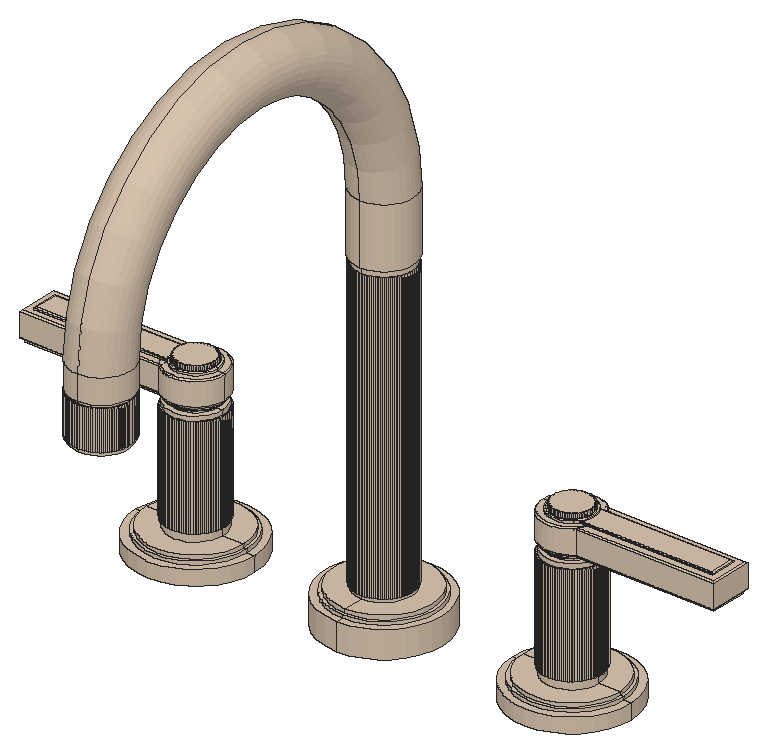
Revit family "Faucet-Deck_Mount-Bath-KALLISTA-Vir_Stil-P80236-1", category Plumbing Fixtures, host Face, Revit 2021 (continued)
Definition of nested family "P80236_Handle"
  Forms (in)
    Extrusion 2, solid, material <- "Material", detail levels medium+fine
      sketch origin (-0.0001, 0.09333, 0.00012) x (1, 0, 0) y (0, 1, 0)
        loop
          arc (-0.58709, 0.10982) -> (-0.57988, 0.09043) -> (-0.59787, 0.08021) r 0.01596
          line (-0.59787, 0.08021) -> (-0.60373, 0.04949)
          arc (-0.60373, 0.04949) -> (-0.59236, 0.03115) -> (-0.60968, 0.01828) r 0.01594
          line (-0.60968, 0.01828) -> (-0.61581, -0.01389)
          arc (-0.61581, -0.01389) -> (-0.60255, -0.0315) -> (-0.61917, -0.04598) r 0.01617
          line (-0.61917, -0.04598) -> (-0.62137, -0.0774)
          arc (-0.62137, -0.0774) -> (-0.606, -0.09277) -> (-0.62137, -0.10814) r 0.01537
          line (-0.62137, -0.10814) -> (-0.61917, -0.13956)
          arc (-0.61917, -0.13956) -> (-0.60255, -0.15404) -> (-0.61581, -0.17165) r 0.01617
          line (-0.61581, -0.17165) -> (-0.60968, -0.20382)
          arc (-0.60968, -0.20382) -> (-0.59236, -0.21669) -> (-0.60373, -0.23503) r 0.01594
          line (-0.60373, -0.23503) -> (-0.59787, -0.26574)
          arc (-0.59787, -0.26574) -> (-0.57988, -0.27596) -> (-0.58709, -0.29535) r 0.01596
          line (-0.58709, -0.29535) -> (-0.5722, -0.33626)
          arc (-0.5722, -0.33626) -> (-0.55657, -0.34742) -> (-0.56163, -0.36595) r 0.01679
          line (-0.56163, -0.36595) -> (-0.54701, -0.39463)
          arc (-0.54701, -0.39463) -> (-0.52746, -0.40148) -> (-0.53131, -0.42183) r 0.01588
          line (-0.53131, -0.42183) -> (-0.50883, -0.46077)
          arc (-0.50883, -0.46077) -> (-0.48488, -0.45001) -> (-0.48509, -0.47626) r 0.01559
          line (-0.48509, -0.47626) -> (-0.46548, -0.50048)
          arc (-0.46548, -0.50048) -> (-0.44333, -0.50019) -> (-0.43937, -0.52198) r 0.01715
          line (-0.43937, -0.52198) -> (-0.41649, -0.54486)
          arc (-0.41649, -0.54486) -> (-0.39577, -0.54613) -> (-0.3945, -0.56685) r 0.01567
          line (-0.3945, -0.56685) -> (-0.37024, -0.58886)
          arc (-0.37024, -0.58886) -> (-0.3496, -0.58601) -> (-0.34317, -0.60582) r 0.01622
          line (-0.34317, -0.60582) -> (-0.31527, -0.62325)
          arc (-0.31527, -0.62325) -> (-0.29625, -0.6212) -> (-0.28852, -0.63869) r 0.0162
          line (-0.28852, -0.63869) -> (-0.2584, -0.65274)
          arc (-0.2584, -0.65274) -> (-0.23963, -0.64888) -> (-0.23052, -0.66574) r 0.01606
          line (-0.23052, -0.66574) -> (-0.20247, -0.67882)
          arc (-0.20247, -0.67882) -> (-0.18193, -0.67012) -> (-0.17198, -0.69009) r 0.01629
          line (-0.17198, -0.69009) -> (-0.1426, -0.69991)
          arc (-0.1426, -0.69991) -> (-0.12304, -0.68628) -> (-0.1112, -0.70697) r 0.01615
          line (-0.1112, -0.70697) -> (-0.0801, -0.7119)
          arc (-0.0801, -0.7119) -> (-0.06165, -0.69805) -> (-0.04914, -0.71744) r 0.01576
          line (-0.04914, -0.71744) -> (-0.0175, -0.71744)
          arc (-0.0175, -0.71744) -> (-0.00189, -0.70183) -> (0.01371, -0.71744) r 0.01561
          line (0.01371, -0.71744) -> (0.04515, -0.71744)
          arc (0.04515, -0.71744) -> (0.0585, -0.69869) -> (0.07698, -0.71239) r 0.01612
          line (0.07698, -0.71239) -> (0.10901, -0.70732)
          arc (0.10901, -0.70732) -> (0.12092, -0.68623) -> (0.14037, -0.70066) r 0.01615
          line (0.14037, -0.70066) -> (0.17059, -0.69055)
          arc (0.17059, -0.69055) -> (0.18047, -0.67009) -> (0.20119, -0.67942) r 0.01629
          line (0.20119, -0.67942) -> (0.23052, -0.66574)
          arc (0.23052, -0.66574) -> (0.23963, -0.64888) -> (0.2584, -0.65274) r 0.01606
          line (0.2584, -0.65274) -> (0.28852, -0.63869)
          arc (0.28852, -0.63869) -> (0.29625, -0.6212) -> (0.31527, -0.62325) r 0.0162
          line (0.31527, -0.62325) -> (0.34317, -0.60582)
          arc (0.34317, -0.60582) -> (0.3496, -0.58601) -> (0.37024, -0.58886) r 0.01622
      from 0.63921 to 2.7578
    Sweep 3, solid, material <- "Material", detail levels medium+fine
      path origin (0, -0.46599, 0.54302) x (0, 1, 0) y (-1, 0, 0)
        loop
          line (0.07874, 0.45013) -> (-2.90726, 0.45013) -> (-2.90726, -0.45013) -> (0.07874, -0.45013)
      profile origin (-0.45013, -3.37325, 0.54302) x (1, 0, 0) y (0, 0, 1)
        loop
          line (0, 2.49452) -> (0.03235, 2.46217) -> (0.06329, 2.46217) -> (0.06329, 2.41499) -> (0.09079, 2.39974) -> (0.3166, 2.39974) -> (0.3166, 3.0564) -> (0.19942, 3.0564) -> (0.16806, 3.04916) -> (0.16806, 3.01604) -> (0.03152, 3.01604) -> (0, 2.98451) -> (0, 2.49452)
    Revolve 4, solid
      sketch origin (0, 0, 0) x (0, 1, 0) y (0, 0, 1)
        loop
          line (0.0011, 2.89746) -> (0.0011, 2.96028) -> (-0.30646, 2.96028) -> (-0.30646, 2.89746) -> (0.0011, 2.89746)
        axis (0.0011, 2.89746) -> (0.0011, 2.96028)
      angle from 0 to 360
    Extrusion 5, solid, material <- "Material", detail levels medium+fine
      sketch origin (0, 0, 0) x (1, 0, 0) y (0, 1, 0)
        loop
          line (-0.13352, -3.05664) -> (0.13352, -3.05664) -> (0.13352, -0.41348)
          arc (0.13352, -0.41348) -> (0.06758, -0.42918) -> (0, -0.43445) r 0.43555
          arc (0, -0.43445) -> (-0.06758, -0.42918) -> (-0.13352, -0.41348) r 0.43555
          line (-0.13352, -0.41348) -> (-0.13352, -3.05664)
      from 2.94276 to 3.59942
    Extrusion 6, solid, material <- "Material", detail levels medium+fine
      sketch origin (0, 0, 0) x (1, 0, 0) y (0, 1, 0)
        loop
          line (0.39956, 0.04665) -> (0.3951, 0.07793)
          arc (0.3951, 0.07793) -> (0.37211, 0.0898) -> (0.38828, 0.11) r 0.01672
          line (0.38828, 0.11) -> (0.37741, 0.13986)
          arc (0.37741, 0.13986) -> (0.35264, 0.14793) -> (0.36643, 0.17003) r 0.01654
          line (0.36643, 0.17003) -> (0.35092, 0.19689)
          arc (0.35092, 0.19689) -> (0.32658, 0.20039) -> (0.33329, 0.22405) r 0.01633
          line (0.33329, 0.22405) -> (0.31408, 0.24863)
          arc (0.31408, 0.24863) -> (0.28882, 0.2494) -> (0.29602, 0.27362) r 0.01594
          line (0.29602, 0.27362) -> (0.27398, 0.29567)
          arc (0.27398, 0.29567) -> (0.25135, 0.29376) -> (0.24796, 0.31621) r 0.01661
          line (0.24796, 0.31621) -> (0.22165, 0.33431)
          arc (0.22165, 0.33431) -> (0.19902, 0.33167) -> (0.1934, 0.35375) r 0.0173
          line (0.1934, 0.35375) -> (0.16475, 0.36828)
          arc (0.16475, 0.36828) -> (0.14435, 0.35817) -> (0.13378, 0.37834) r 0.01629
          line (0.13378, 0.37834) -> (0.10377, 0.38734)
          arc (0.10377, 0.38734) -> (0.08375, 0.37642) -> (0.07305, 0.39655) r 0.01603
          line (0.07305, 0.39655) -> (0.04129, 0.39933)
          arc (0.04129, 0.39933) -> (0.01926, 0.38534) -> (0, 0.40295) r 0.02147
          arc (0, 0.40295) -> (-0.01919, 0.38453) -> (-0.04129, 0.39933) r 0.02122
          line (-0.04129, 0.39933) -> (-0.07266, 0.39659)
          arc (-0.07266, 0.39659) -> (-0.08379, 0.37795) -> (-0.10329, 0.38748) r 0.01603
          line (-0.10329, 0.38748) -> (-0.13378, 0.37834)
          arc (-0.13378, 0.37834) -> (-0.14435, 0.35817) -> (-0.16475, 0.36828) r 0.01629
          line (-0.16475, 0.36828) -> (-0.1934, 0.35375)
          arc (-0.1934, 0.35375) -> (-0.19902, 0.33167) -> (-0.22165, 0.33431) r 0.0173
          line (-0.22165, 0.33431) -> (-0.24796, 0.31621)
          arc (-0.24796, 0.31621) -> (-0.25135, 0.29376) -> (-0.27398, 0.29567) r 0.01661
          line (-0.27398, 0.29567) -> (-0.29602, 0.27362)
          arc (-0.29602, 0.27362) -> (-0.28882, 0.2494) -> (-0.31408, 0.24863) r 0.01594
          line (-0.31408, 0.24863) -> (-0.33329, 0.22405)
          arc (-0.33329, 0.22405) -> (-0.32658, 0.20039) -> (-0.35092, 0.19689) r 0.01633
          line (-0.35092, 0.19689) -> (-0.36643, 0.17003)
          arc (-0.36643, 0.17003) -> (-0.35264, 0.14793) -> (-0.37741, 0.13986) r 0.01654
          line (-0.37741, 0.13986) -> (-0.38828, 0.11)
          arc (-0.38828, 0.11) -> (-0.37211, 0.0898) -> (-0.3951, 0.07793) r 0.01672
          line (-0.3951, 0.07793) -> (-0.39945, 0.04743)
          arc (-0.39945, 0.04743) -> (-0.38106, 0.03439) -> (-0.39192, 0.01464) r 0.01693
          arc (-0.39192, 0.01464) -> (-0.38008, 0.00016) -> (-0.3874, -0.01706) r 0.01809
          arc (-0.3874, -0.01706) -> (-0.38182, -0.03685) -> (-0.39945, -0.04743) r 0.01693
          line (-0.39945, -0.04743) -> (-0.3951, -0.07793)
          arc (-0.3951, -0.07793) -> (-0.37211, -0.0898) -> (-0.38828, -0.11) r 0.01672
          line (-0.38828, -0.11) -> (-0.37741, -0.13986)
          arc (-0.37741, -0.13986) -> (-0.35264, -0.14793) -> (-0.36643, -0.17003) r 0.01654
          line (-0.36643, -0.17003) -> (-0.35092, -0.19689)
          arc (-0.35092, -0.19689) -> (-0.32658, -0.20039) -> (-0.33329, -0.22405) r 0.01633
          line (-0.33329, -0.22405) -> (-0.31408, -0.24863)
          arc (-0.31408, -0.24863) -> (-0.28882, -0.2494) -> (-0.29602, -0.27362) r 0.01594
          line (-0.29602, -0.27362) -> (-0.27398, -0.29567)
          arc (-0.27398, -0.29567) -> (-0.25135, -0.29376) -> (-0.24796, -0.31621) r 0.01661
          line (-0.24796, -0.31621) -> (-0.22165, -0.33431)
          arc (-0.22165, -0.33431) -> (-0.19902, -0.33167) -> (-0.1934, -0.35375) r 0.0173
          line (-0.1934, -0.35375) -> (-0.16475, -0.36828)
          arc (-0.16475, -0.36828) -> (-0.14435, -0.35817) -> (-0.13378, -0.37834) r 0.01629
          line (-0.13378, -0.37834) -> (-0.10377, -0.38734)
          arc (-0.10377, -0.38734) -> (-0.08375, -0.37642) -> (-0.07305, -0.39655) r 0.01603
          line (-0.07305, -0.39655) -> (-0.04129, -0.39933)
          arc (-0.04129, -0.39933) -> (-0.01876, -0.38433) -> (-0.00016, -0.40399) r 0.021
          arc (-0.00016, -0.40399) -> (0.01874, -0.38539) -> (0.04129, -0.39933) r 0.02147
          line (0.04129, -0.39933) -> (0.07305, -0.39655)
          arc (0.07305, -0.39655) -> (0.08375, -0.37642) -> (0.10377, -0.38734) r 0.01603
          line (0.10377, -0.38734) -> (0.13378, -0.37834)
          arc (0.13378, -0.37834) -> (0.14435, -0.35817) -> (0.16475, -0.36828) r 0.01629
          line (0.16475, -0.36828) -> (0.1934, -0.35375)
          arc (0.1934, -0.35375) -> (0.19902, -0.33167) -> (0.22165, -0.33431) r 0.0173
          line (0.22165, -0.33431) -> (0.24796, -0.31621)
          arc (0.24796, -0.31621) -> (0.25135, -0.29376) -> (0.27398, -0.29567) r 0.01661
          line (0.27398, -0.29567) -> (0.29602, -0.27362)
          arc (0.29602, -0.27362) -> (0.28882, -0.2494) -> (0.31408, -0.24863) r 0.01594
          line (0.31408, -0.24863) -> (0.33329, -0.22405)
          arc (0.33329, -0.22405) -> (0.32658, -0.20039) -> (0.35092, -0.19689) r 0.01633
          line (0.35092, -0.19689) -> (0.36643, -0.17003)
          arc (0.36643, -0.17003) -> (0.35264, -0.14793) -> (0.37741, -0.13986) r 0.01654
          line (0.37741, -0.13986) -> (0.38828, -0.11)
          arc (0.38828, -0.11) -> (0.37211, -0.0898) -> (0.3951, -0.07793) r 0.01672
          line (0.3951, -0.07793) -> (0.39956, -0.04665)
          arc (0.39956, -0.04665) -> (0.38137, -0.03479) -> (0.3898, -0.01479) r 0.01693
          arc (0.3898, -0.01479) -> (0.38962, 0.00232) -> (0.40245, 0.01362) r 0.02054
          arc (0.40245, 0.01362) -> (0.38069, 0.02836) -> (0.39956, 0.04665) r 0.01693
      from 3.6209 to 3.70485
    Extrusion 7, solid, material <- "Material"
      sketch origin (0, 0, 0) x (1, 0, 0) y (0, 1, 0)
        loop
          circle (0, 0) r 0.07874
      from 0 to 0.05618
    Revolve 8, solid, material <- "Material", detail levels coarse
      sketch origin (0, 0, 0) x (0, 1, 0) y (0, 0, 1)
        loop
          line (1.26094, 0.00063) -> (1.26094, 0.31813) -> (1.09983, 0.31813) -> (1.09983, 0.38726) -> (1.02685, 0.38726) -> (1.02685, 0.45669) -> (0.57813, 0.45669) -> (0.57813, 0.6405) -> (0.62524, 0.6405) -> (0.62524, 2.75904) -> (0.57831, 2.75904) -> (0.57831, 2.84865) -> (0.45097, 2.84865) -> (0.45097, 2.91768) -> (0.0011, 2.91768) -> (0.0011, 2.77411) -> (0.0011, 0.00063) -> (1.26094, 0.00063)
        loop
          line (0.54877, 2.93764) -> (0.57141, 2.96028) -> (0.57141, 3.01139) -> (0.60314, 3.01139) -> (0.62708, 3.04825) -> (0.62708, 3.53445) -> (0.59759, 3.56394) -> (0.46986, 3.56394) -> (0.46986, 3.59903) -> (0.43665, 3.61178) -> (0.34452, 3.61178) -> (0.40295, 3.6209) -> (0.40295, 3.70485) -> (0.0011, 3.70485) -> (0.0011, 2.93764) -> (0.54877, 2.93764)
        axis (0.0011, 0.00063) -> (0.0011, 3.70485)
      angle from 0 to 360
    Extrusion 9, solid, material <- "Material", detail levels coarse
      sketch origin (0, 0, 0) x (1, 0, 0) y (0, 1, 0)
        loop
          line (-0.45013, -0.11) -> (-0.45013, -3.37325) -> (0.45013, -3.37325) -> (0.45013, -0.11) -> (-0.45013, -0.11)
      from 2.94276 to 3.59942
  Cuts and joins
    joined: Sweep 3, Extrusion 5
  Lines and regions (in)
    Masking region 1
      outline origin (0, 0, 0) x (1, 0, 0) y (0, 1, 0)
        loop
          line (-0.45084, -3.37402) -> (0.44739, -3.37402) -> (0.44739, -1.17773)
          arc (0.44739, -1.17773) -> (0.00185, 1.25984) -> (-0.45084, -1.17641) r 1.25984
          line (-0.45084, -1.17641) -> (-0.45084, -3.37402)
    Masking region 2
      outline origin (0, 0, 0) x (1, 0, 0) y (0, 0, 1)
        loop
          line (-1.25984, 0) -> (1.25984, 0) -> (1.25984, 0.31505) -> (1.10057, 0.31505) -> (1.10057, 0.3846) -> (1.03059, 0.3846) -> (1.03059, 0.45669) -> (0.5775, 0.45669) -> (0.5775, 0.6398) -> (0.62448, 0.6398) -> (0.62448, 2.75774) -> (0.57757, 2.75774) -> (0.57757, 2.84774) -> (0.44996, 2.84774) -> (0.44996, 2.91689) -> (0.30728, 2.91689) -> (0.35175, 2.93307) -> (0.52738, 2.93307) -> (0.55793, 2.95001) -> (0.55793, 3.0106) -> (0.59254, 3.0106) -> (0.62472, 3.04061) -> (0.62472, 3.53288) -> (0.59365, 3.56394) -> (0.46562, 3.56394) -> (0.46562, 3.59569) -> (0.43313, 3.61084) -> (0.34514, 3.61084) -> (0.3771, 3.62062) -> (0.41129, 3.62062) -> (0.41129, 3.70472) -> (-0.41129, 3.70472) -> (-0.41129, 3.62062) -> (-0.3771, 3.62062) -> (-0.34514, 3.61084) -> (-0.43313, 3.61084) -> (-0.46562, 3.59569) -> (-0.46562, 3.56394) -> (-0.59365, 3.56394) -> (-0.62472, 3.53288) -> (-0.62472, 3.04061) -> (-0.59254, 3.0106) -> (-0.55793, 3.0106) -> (-0.55793, 2.95001) -> (-0.52738, 2.93307) -> (-0.35175, 2.93307) -> (-0.30728, 2.91689) -> (-0.44996, 2.91689) -> (-0.44996, 2.84774) -> (-0.57757, 2.84774) -> (-0.57757, 2.75774) -> (-0.62448, 2.75774) -> (-0.62448, 0.6398) -> (-0.5775, 0.6398) -> (-0.5775, 0.45669) -> (-1.03059, 0.45669) -> (-1.03059, 0.3846) -> (-1.10057, 0.3846) -> (-1.10057, 0.31505) -> (-1.25984, 0.31505) -> (-1.25984, 0)
    Masking region 3
      outline origin (0, 0, 0) x (0, 1, 0) y (0, 0, 1)
        loop
          line (1.25984, 0.00063) -> (1.25984, 0.31813) -> (1.09983, 0.31813) -> (1.09983, 0.38726) -> (1.02685, 0.38726) -> (1.02685, 0.45669) -> (0.57813, 0.45669) -> (0.57813, 0.63981) -> (0.62479, 0.63981) -> (0.62479, 2.75904) -> (0.57831, 2.75904) -> (0.57831, 2.84865) -> (0.45097, 2.84865) -> (0.45097, 2.91768) -> (0.30919, 2.91768) -> (0.34376, 2.93764) -> (0.54877, 2.93764) -> (0.57141, 2.96028) -> (0.57141, 3.01139) -> (0.60314, 3.01139) -> (0.62708, 3.04825) -> (0.62708, 3.53445) -> (0.59759, 3.56394) -> (0.46986, 3.56394) -> (0.46986, 3.59903) -> (0.43966, 3.61063) -> (0.34452, 3.61063) -> (0.37406, 3.6208) -> (0.41153, 3.6208) -> (0.41153, 3.70472) -> (-0.41103, 3.70472) -> (-0.41103, 3.62081) -> (-0.37638, 3.62081) -> (-0.34382, 3.61109) -> (-3.15915, 3.61109) -> (-3.20655, 3.59839) -> (-3.20655, 3.56371) -> (-3.32111, 3.56371) -> (-3.37402, 3.53317) -> (-3.37402, 2.95629) -> (-3.3508, 2.93307) -> (-0.34, 2.93307) -> (-0.30699, 2.91768) -> (-0.44877, 2.91768) -> (-0.44877, 2.84865) -> (-0.57611, 2.84865) -> (-0.57611, 2.75904) -> (-0.62259, 2.75904) -> (-0.62259, 0.63981) -> (-0.57593, 0.63981) -> (-0.57593, 0.45669) -> (-1.02465, 0.45669) -> (-1.02465, 0.38726) -> (-1.09763, 0.38726) -> (-1.09763, 0.31813) -> (-1.25984, 0.31813) -> (-1.25984, 0.00063) -> (0.0011, 0.00063) -> (1.25984, 0.00063)
    symbolic lines, detail levels medium+fine
      curve 1: line (0, 0.57813, 0.45732) -> (0, -0.57593, 0.45732)
      curve 2: line (0, 1.02685, 0.38726) -> (0, -1.02465, 0.38726)
      curve 3: line (0, -1.09763, 0.31813) -> (0, 1.09983, 0.31813)
      curve 4: line (0, 0.53419, 0.63981) -> (0, -0.57431, 0.63981)
      curve 5: line (0, 0.53419, 0.63981) -> (0, 0.53419, 2.75904)
      curve 6: line (0, 0.57431, 0.63981) -> (0, 0.57431, 2.75904)
      curve 7: line (0, 0.59241, 0.63934) -> (0, 0.59241, 2.75904)
      curve 8: line (0, 0.51875, 0.63934) -> (0, 0.51875, 2.75793)
      curve 9: line (0, 0.46235, 0.63934) -> (0, 0.46235, 2.75904)
      curve 10: line (0, 0.41748, 0.63934) -> (0, 0.41748, 2.75904)
      curve 11: line (0, 0.34591, 0.63981) -> (0, 0.34591, 2.75904)
      curve 12: line (0, 0.37176, 0.63981) -> (0, 0.37176, 2.75904)
      curve 13: line (0, 0.31732, 0.63981) -> (0, 0.31732, 2.75904)
      curve 14: line (0, 0.26144, 0.63981) -> (0, 0.26144, 2.75904)
      curve 15: line (0, 0.29013, 0.63981) -> (0, 0.29013, 2.75904)
      curve 16: line (0, 0.23227, 0.63981) -> (0, 0.23227, 2.75904)
      curve 17: line (0, 0.20315, 0.63981) -> (0, 0.20315, 2.75904)
      curve 18: line (0, 0.14283, 0.63981) -> (0, 0.14283, 2.75904)
      curve 19: line (0, 0.17354, 0.63981) -> (0, 0.17354, 2.75904)
      curve 20: line (0, 0.11162, 0.63981) -> (0, 0.11162, 2.75904)
      curve 21: line (0, 0.07945, 0.63981) -> (0, 0.07945, 2.75904)
      curve 22: line (0, 0.04736, 0.63981) -> (0, 0.04736, 2.75904)
      curve 23: line (0, 0.01594, 0.63981) -> (0, 0.01594, 2.75904)
      curve 24: line (0, -0.53419, 0.63981) -> (0, -0.53419, 2.75904)
      curve 25: line (0, -0.57431, 0.63981) -> (0, -0.57431, 2.75904)
      curve 26: line (0, -0.59241, 0.63934) -> (0, -0.59241, 2.75904)
      curve 27: line (0, -0.51875, 0.63934) -> (0, -0.51875, 2.75793)
      curve 28: line (0, -0.46235, 0.63934) -> (0, -0.46235, 2.75904)
      curve 29: line (0, -0.41748, 0.63981) -> (0, -0.41748, 2.75904)
      curve 30: line (0, -0.34591, 0.63981) -> (0, -0.34591, 2.75904)
      curve 31: line (0, -0.37176, 0.63981) -> (0, -0.37176, 2.75904)
      curve 32: line (0, -0.31732, 0.63981) -> (0, -0.31732, 2.75904)
      curve 33: line (0, -0.26144, 0.63981) -> (0, -0.26144, 2.75904)
      curve 34: line (0, -0.29013, 0.63981) -> (0, -0.29013, 2.75904)
      curve 35: line (0, -0.23227, 0.63981) -> (0, -0.23227, 2.75904)
      curve 36: line (0, -0.20315, 0.63981) -> (0, -0.20315, 2.75904)
      curve 37: line (0, -0.14283, 0.63981) -> (0, -0.14283, 2.75904)
      curve 38: line (0, -0.17354, 0.63981) -> (0, -0.17354, 2.75904)
      curve 39: line (0, -0.11162, 0.63981) -> (0, -0.11162, 2.75904)
      curve 40: line (0, -0.07945, 0.63981) -> (0, -0.07945, 2.75904)
      curve 41: line (0, -0.04736, 0.63981) -> (0, -0.04736, 2.75904)
      curve 42: line (0, -0.01594, 0.63981) -> (0, -0.01594, 2.75904)
      curve 43: line (0, 0.53419, 2.75904) -> (0, -0.53419, 2.75904)
      curve 44: line (0, 0.53419, 2.75904) -> (0, 0.59241, 2.75904)
      curve 45: line (0, -0.53419, 2.75904) -> (0, -0.59241, 2.75904)
      curve 46: line (0, 0.45097, 2.84865) -> (0, -0.44877, 2.84865)
      curve 47: line (0, -0.30699, 2.91768) -> (0, 0.30919, 2.91768)
      curve 48: line (0, 0.34376, 2.93764) -> (0, -0.39485, 2.93764)
      curve 49: line (0, -0.34, 2.93307) -> (0, 0.33585, 2.93307)
      curve 50: line (0, 0.34452, 3.61063) -> (0, -0.34361, 3.61109)
      curve 51: line (0, 0.57141, 3.01139) -> (0, -3.37402, 3.01139)
      curve 52: line (0, 0.46986, 3.56394) -> (0, -3.20655, 3.56371)
      curve 53: line (0, 0.62708, 3.53445) -> (0, -3.37402, 3.53317)
      curve 54: line (0, 0.62708, 3.04825) -> (0, -3.37402, 3.04825)
      curve 55: line (0, -0.45759, 3.01139) -> (0, -0.45759, 3.56388)
      curve 56: line (0, -0.44258, 3.04111) -> (0, -0.44258, 3.5341)
      curve 57: line (0, -0.42857, 3.04111) -> (0, -0.42857, 3.53653)
      curve 58: line (0, -0.41551, 3.04111) -> (0, -0.41551, 3.53411)
      curve 59: line (0, -0.41551, 3.53411) -> (0, -0.39467, 3.56389)
      curve 60: line (0, -0.42857, 3.53653) -> (0, -0.40942, 3.56389)
      curve 61: line (0, -0.44258, 3.5341) -> (0, -0.4346, 3.56389)
      curve 62: line (0, -0.41551, 3.04111) -> (0, -0.39835, 3.01139)
      curve 63: line (0, -0.42857, 3.04111) -> (0, -0.41471, 3.01139)
      curve 64: line (0, -0.44258, 3.04111) -> (0, -0.43461, 3.01139)
      curve 65: line (0, -0.3656, 3.56389) -> (0, -0.3656, 3.59507)
      curve 66: line (0, -0.3656, 3.59507) -> (0, -0.34361, 3.61109)
      curve 67: line (0, -0.41915, 2.9511) -> (0, -0.41915, 3.00997)
      curve 68: line (0, -0.41915, 2.9511) -> (0, -0.38661, 2.93307)
      curve 69: line (0, -3.37402, 2.95629) -> (0, -0.41915, 2.95629)
      curve 70: line (0, 0.39659, 3.6209) -> (0, 0.39659, 3.70485)
      curve 71: line (0, 0.38748, 3.6209) -> (0, 0.38748, 3.70485)
      curve 72: line (0, 0.37834, 3.6209) -> (0, 0.37834, 3.70485)
      curve 73: line (0, 0.36828, 3.6209) -> (0, 0.36828, 3.70485)
      curve 74: line (0, 0.35375, 3.6209) -> (0, 0.35375, 3.70485)
      curve 75: line (0, 0.33431, 3.6209) -> (0, 0.33431, 3.70485)
      curve 76: line (0, 0.31621, 3.6209) -> (0, 0.31621, 3.70485)
      curve 77: line (0, 0.29567, 3.6209) -> (0, 0.29567, 3.70485)
      curve 78: line (0, 0.27362, 3.6209) -> (0, 0.27362, 3.70485)
      curve 79: line (0, 0.24863, 3.6209) -> (0, 0.24863, 3.70485)
      curve 80: line (0, 0.22405, 3.6209) -> (0, 0.22405, 3.70485)
      curve 81: line (0, 0.19689, 3.6209) -> (0, 0.19689, 3.70485)
      curve 82: line (0, 0.17003, 3.6209) -> (0, 0.17003, 3.70485)
      curve 83: line (0, 0.13986, 3.6209) -> (0, 0.13986, 3.70485)
      curve 84: line (0, 0.11, 3.6209) -> (0, 0.11, 3.70485)
      curve 85: line (0, 0.07793, 3.6209) -> (0, 0.07793, 3.70485)
      curve 86: line (0, 0.04743, 3.6209) -> (0, 0.04743, 3.70485)
      curve 87: line (0, 0.01464, 3.6209) -> (0, 0.01464, 3.70485)
      curve 88: line (0, -0.01706, 3.6209) -> (0, -0.01706, 3.70485)
      curve 89: line (0, -0.04743, 3.6209) -> (0, -0.04743, 3.70485)
      curve 90: line (0, -0.07793, 3.6209) -> (0, -0.07793, 3.70485)
      curve 91: line (0, -0.11, 3.6209) -> (0, -0.11, 3.70485)
      curve 92: line (0, -0.13986, 3.6209) -> (0, -0.13986, 3.70485)
      curve 93: line (0, -0.17003, 3.6209) -> (0, -0.17003, 3.70485)
      curve 94: line (0, -0.19689, 3.6209) -> (0, -0.19689, 3.70485)
      curve 95: line (0, -0.22405, 3.6209) -> (0, -0.22405, 3.70485)
      curve 96: line (0, -0.24863, 3.6209) -> (0, -0.24863, 3.70485)
      curve 97: line (0, -0.27362, 3.6209) -> (0, -0.27362, 3.70485)
      curve 98: line (0, -0.29567, 3.6209) -> (0, -0.29567, 3.70485)
      curve 99: line (0, -0.31621, 3.6209) -> (0, -0.31621, 3.70485)
      curve 100: line (0, -0.33431, 3.6209) -> (0, -0.33431, 3.70485)
      curve 101: line (0, -0.35375, 3.6209) -> (0, -0.35375, 3.70485)
      curve 102: line (0, -0.36828, 3.6209) -> (0, -0.36828, 3.70485)
      curve 103: line (0, -0.38734, 3.6209) -> (0, -0.38734, 3.70485)
      curve 104: line (0, -0.39655, 3.6209) -> (0, -0.39655, 3.70485)
      curve 105: line (0, 0.37834, 3.6209) -> (0, -0.37834, 3.6209)
      curve 106: line (-0.5775, 0, 0.45669) -> (0.5775, 0, 0.45669)
      curve 107: line (-1.03059, 0, 0.3846) -> (1.03059, 0, 0.3846)
      curve 108: line (1.10057, 0, 0.31505) -> (-1.10057, 0, 0.31505)
      curve 109: line (-0.5775, 0, 0.6398) -> (0.5775, 0, 0.6398)
      curve 110: line (0.30728, 0, 2.91689) -> (-0.30728, 0, 2.91689)
      curve 111: line (-0.35175, 0, 2.93307) -> (0.35175, 0, 2.93307)
      curve 112: line (-0.44996, 0, 2.84774) -> (0.44996, 0, 2.84774)
      curve 113: line (-0.57757, 0, 2.75774) -> (0.57757, 0, 2.75774)
      curve 114: line (-0.55793, 0, 3.0106) -> (0.55793, 0, 3.0106)
      curve 115: line (-0.46562, 0, 3.56394) -> (0.46562, 0, 3.56394)
      curve 116: line (-0.34514, 0, 3.61084) -> (0.34514, 0, 3.61084)
      curve 117: line (0.37741, 0, 3.62062) -> (-0.37741, 0, 3.62062)
      curve 118: line (-0.46562, 0, 3.59569) -> (0.46562, 0, 3.59569)
      curve 119: line (-0.62472, 0, 3.53288) -> (0.62472, 0, 3.53288)
      curve 120: line (-0.45057, 0, 3.04117) -> (-0.45057, 0, 3.53288)
      curve 121: line (-0.45057, 0, 3.53288) -> (-0.4195, 0, 3.56394)
      curve 122: line (-0.45057, 0, 3.04117) -> (-0.42, 0, 3.0106)
      curve 123: line (0.45057, 0, 3.04117) -> (0.45057, 0, 3.53288)
      curve 124: line (0.45057, 0, 3.53288) -> (0.4195, 0, 3.56394)
      curve 125: line (0.45057, 0, 3.04117) -> (0.42, 0, 3.0106)
      curve 126: line (-0.45717, 0, 3.53288) -> (-0.45717, 0, 3.04076)
      curve 127: line (-0.45717, 0, 3.04076) -> (-0.43001, 0, 3.0106)
      curve 128: line (-0.46582, 0, 3.04094) -> (-0.46582, 0, 3.53288)
      curve 129: line (-0.46582, 0, 3.53288) -> (-0.44406, 0, 3.56394)
      curve 130: line (-0.46582, 0, 3.04094) -> (-0.44457, 0, 3.0106)
      curve 131: line (0.46551, 0, 3.04061) -> (0.46551, 0, 3.53288)
      curve 132: line (0.44386, 0, 3.56394) -> (0.46551, 0, 3.53288)
      curve 133: line (0.45713, 0, 3.53288) -> (0.45713, 0, 3.04088)
      curve 134: line (0.45713, 0, 3.04088) -> (0.43081, 0, 3.0106)
      curve 135: line (0.45713, 0, 3.53288) -> (0.43197, 0, 3.56394)
      curve 136: line (-0.45717, 0, 3.53288) -> (-0.43541, 0, 3.56394)
      curve 137: line (-0.62472, 0, 3.04061) -> (0.62472, 0, 3.04061)
      curve 138: line (0.46551, 0, 3.04061) -> (0.44449, 0, 3.0106)
      curve 139: line (-0.3951, 0, 3.6209) -> (-0.3951, 0, 3.70485)
      curve 140: line (-0.37741, 0, 3.62062) -> (-0.37741, 0, 3.70485)
      curve 141: line (-0.38828, 0, 3.6209) -> (-0.38828, 0, 3.70485)
      curve 142: line (-0.36643, 0, 3.62062) -> (-0.36643, 0, 3.70485)
      curve 143: line (-0.35092, 0, 3.62062) -> (-0.35092, 0, 3.70485)
      curve 144: line (-0.33329, 0, 3.62062) -> (-0.33329, 0, 3.70485)
      curve 145: line (-0.31408, 0, 3.62062) -> (-0.31408, 0, 3.70485)
      curve 146: line (-0.29602, 0, 3.62062) -> (-0.29602, 0, 3.70485)
      curve 147: line (-0.27398, 0, 3.62062) -> (-0.27398, 0, 3.70485)
      curve 148: line (-0.24796, 0, 3.62062) -> (-0.24796, 0, 3.70485)
      curve 149: line (-0.22165, 0, 3.62062) -> (-0.22165, 0, 3.70485)
      curve 150: line (-0.1934, 0, 3.62062) -> (-0.1934, 0, 3.70485)
      curve 151: line (-0.16475, 0, 3.62062) -> (-0.16475, 0, 3.70485)
      curve 152: line (-0.13378, 0, 3.62062) -> (-0.13378, 0, 3.70485)
      curve 153: line (-0.10377, 0, 3.62062) -> (-0.10377, 0, 3.70485)
      curve 154: line (-0.07305, 0, 3.62062) -> (-0.07305, 0, 3.70485)
      curve 155: line (-0.04129, 0, 3.62062) -> (-0.04129, 0, 3.70485)
      curve 156: line (0.3951, 0, 3.6209) -> (0.3951, 0, 3.70485)
      curve 157: line (0.37741, 0, 3.62062) -> (0.37741, 0, 3.70485)
      curve 158: line (0.38828, 0, 3.6209) -> (0.38828, 0, 3.70485)
      curve 159: line (0.36643, 0, 3.62062) -> (0.36643, 0, 3.70485)
      curve 160: line (0.35092, 0, 3.62062) -> (0.35092, 0, 3.70485)
      curve 161: line (0.33329, 0, 3.62062) -> (0.33329, 0, 3.70485)
      curve 162: line (0.31408, 0, 3.62062) -> (0.31408, 0, 3.70485)
      curve 163: line (0.29602, 0, 3.62062) -> (0.29602, 0, 3.70485)
      curve 164: line (0.27398, 0, 3.62062) -> (0.27398, 0, 3.70485)
      curve 165: line (0.24796, 0, 3.62062) -> (0.24796, 0, 3.70485)
      curve 166: line (0.22165, 0, 3.62062) -> (0.22165, 0, 3.70485)
      curve 167: line (0.1934, 0, 3.62062) -> (0.1934, 0, 3.70485)
      curve 168: line (0.16475, 0, 3.62062) -> (0.16475, 0, 3.70485)
      curve 169: line (0.13378, 0, 3.62062) -> (0.13378, 0, 3.70485)
      curve 170: line (0.10377, 0, 3.62062) -> (0.10377, 0, 3.70485)
      curve 171: line (0.07305, 0, 3.62062) -> (0.07305, 0, 3.70485)
      curve 172: line (0.04129, 0, 3.62062) -> (0.04129, 0, 3.70485)
      curve 173: line (-0.53141, 0, 0.63934) -> (-0.53141, 0, 2.75793)
      curve 174: line (-0.46557, 0, 0.63934) -> (-0.46557, 0, 2.75793)
      curve 175: line (-0.41659, 0, 0.63934) -> (-0.41659, 0, 2.75793)
      curve 176: line (-0.31536, 0, 0.63934) -> (-0.31536, 0, 2.75793)
      curve 177: line (-0.34327, 0, 0.63934) -> (-0.34327, 0, 2.75793)
      curve 178: line (-0.28862, 0, 0.63934) -> (-0.28862, 0, 2.75793)
      curve 179: line (-0.2585, 0, 0.63934) -> (-0.2585, 0, 2.75793)
      curve 180: line (-0.17208, 0, 0.63934) -> (-0.17208, 0, 2.75793)
      curve 181: line (-0.20257, 0, 0.63934) -> (-0.20257, 0, 2.75793)
      curve 182: line (-0.14269, 0, 0.63934) -> (-0.14269, 0, 2.75793)
      curve 183: line (-0.1113, 0, 0.63934) -> (-0.1113, 0, 2.75793)
      curve 184: line (-0.08019, 0, 0.63934) -> (-0.08019, 0, 2.75793)
      curve 185: line (-0.04924, 0, 0.63934) -> (-0.04924, 0, 2.75793)
      curve 186: line (-0.01759, 0, 0.63934) -> (-0.01759, 0, 2.75793)
      curve 187: line (0.04505, 0, 0.63934) -> (0.04505, 0, 2.75793)
      curve 188: line (0.07688, 0, 0.63934) -> (0.07688, 0, 2.75793)
      curve 189: line (0.10892, 0, 0.63934) -> (0.10892, 0, 2.75793)
      curve 190: line (0.14027, 0, 0.63934) -> (0.14027, 0, 2.75793)
      curve 191: line (0.17049, 0, 0.63934) -> (0.17049, 0, 2.75793)
      curve 192: line (0.20109, 0, 0.63934) -> (0.20109, 0, 2.75793)
      curve 193: line (0.2583, 0, 0.63934) -> (0.2583, 0, 2.75793)
      curve 194: line (0.23043, 0, 0.63934) -> (0.23043, 0, 2.75793)
      curve 195: line (0.28843, 0, 0.63934) -> (0.28843, 0, 2.75793)
      curve 196: line (0.31517, 0, 0.63934) -> (0.31517, 0, 2.75793)
      curve 197: line (0.34307, 0, 2.75793) -> (0.34307, 0, 0.63934)
      curve 198: line (0.3944, 0, 0.63934) -> (0.3944, 0, 2.75793)
      curve 199: line (0.37014, 0, 0.63934) -> (0.37014, 0, 2.75793)
      curve 200: line (0.41639, 0, 0.63934) -> (0.41639, 0, 2.75793)
      curve 201: line (0.44936, 0, 0.63934) -> (0.44936, 0, 2.75793)
      curve 202: line (0.4973, 0, 0.63934) -> (0.4973, 0, 2.75793)
      curve 203: line (0.54691, 0, 0.63934) -> (0.54691, 0, 2.75793)
      curve 204: line (0.58699, 0, 0.63934) -> (0.58699, 0, 2.75793)
      curve 205: line (0.59777, 0, 0.63934) -> (0.59777, 0, 2.75793)
      curve 206: line (0.53121, 0, 0.63934) -> (0.53121, 0, 2.75793)
      curve 207: line (0.47768, 0, 0.63934) -> (0.47768, 0, 2.75793)
      curve 208: line (-0.37033, 0, 0.63934) -> (-0.37033, 0, 2.75793)
      curve 209: line (-0.3946, 0, 0.63934) -> (-0.3946, 0, 2.75793)
      curve 210: line (-0.23062, 0, 0.63934) -> (-0.23062, 0, 2.75793)
      curve 211: line (-0.56173, 0, 0.63934) -> (-0.56173, 0, 2.75793)
      curve 212: arc (0.44739, -1.00992, 0) -> (0.00189, 1.10458, 0) -> (-0.45084, -1.00839, 0) r 1.10458
      curve 213: circle (0, 0, 0) r 0.46742 normal (0, 0, 1)
      curve 214: circle (0, 0, 0) r 0.44658 normal (0, 0, 1)
      curve 215: line (-0.45084, -1.17641, 0) -> (-0.45084, -0.48538, 0)
      curve 216: line (0.44739, -1.17773, 0) -> (0.44739, -0.51072, 0)
      curve 217: arc (0.48999, -0.38843, 0) -> (-0.00616, 0.62524, 0) -> (-0.48224, -0.39801, 0) r 0.62527
      curve 218: arc (-0.48224, -0.39801, 0) -> (-0.45893, -0.43896, 0) -> (-0.45084, -0.48538, 0) r 0.13726
      curve 219: arc (0.48999, -0.38843, 0) -> (0.45835, -0.44598, 0) -> (0.44739, -0.51072, 0) r 0.19685
      curve 220: line (-0.42028, -0.48903, 0) -> (-0.42028, -3.34472, 0)
      curve 221: line (-0.42028, -3.34472, 0) -> (0.42028, -3.34472, 0)
      curve 222: arc (0.45008, -0.38234, 0) -> (0.01006, 0.59047, 0) -> (-0.46285, -0.36678, 0) r 0.59055
      curve 223: arc (-0.46285, -0.36678, 0) -> (-0.43122, -0.42431, 0) -> (-0.42028, -0.48903, 0) r 0.19685
      curve 224: line (0.42028, -0.46345, 0) -> (0.42028, -3.34472, 0)
      curve 225: arc (0.42028, -0.46345, 0) -> (0.42796, -0.42024, 0) -> (0.45008, -0.38234, 0) r 0.12528
      curve 226: arc (0.44739, -0.60754, 0) -> (0.00215, 0.75449, 0) -> (-0.45084, -0.60498, 0) r 0.75449
      curve 227: arc (0.44739, -0.92305, 0) -> (0.00192, 1.02575, 0) -> (-0.45084, -0.92137, 0) r 1.02576
      curve 228: arc (0.39956, 0.04665, 0) -> (0.38069, 0.02836, 0) -> (0.40245, 0.01362, 0) r 0.01693
      curve 229: arc (0.3951, 0.07793, 0) -> (0.37211, 0.0898, 0) -> (0.38828, 0.11, 0) r 0.01672
      curve 230: line (0.3951, 0.07793, 0) -> (0.39956, 0.04665, 0)
      curve 231: line (0.38828, 0.11, 0) -> (0.37741, 0.13986, 0)
      curve 232: arc (0.36643, 0.17003, 0) -> (0.35264, 0.14793, 0) -> (0.37741, 0.13986, 0) r 0.01654
      curve 233: line (0.36643, 0.17003, 0) -> (0.35092, 0.19689, 0)
      curve 234: arc (0.35092, 0.19689, 0) -> (0.32658, 0.20039, 0) -> (0.33329, 0.22405, 0) r 0.01633
      curve 235: line (0.33329, 0.22405, 0) -> (0.31408, 0.24863, 0)
      curve 236: arc (0.29602, 0.27362, 0) -> (0.28882, 0.2494, 0) -> (0.31408, 0.24863, 0) r 0.01594
      curve 237: line (0.27398, 0.29567, 0) -> (0.29602, 0.27362, 0)
      curve 238: arc (0.24796, 0.31621, 0) -> (0.25135, 0.29376, 0) -> (0.27398, 0.29567, 0) r 0.01661
      curve 239: line (0.24796, 0.31621, 0) -> (0.22165, 0.33431, 0)
      curve 240: arc (0.22165, 0.33431, 0) -> (0.19902, 0.33167, 0) -> (0.1934, 0.35375, 0) r 0.0173
      curve 241: line (0.1934, 0.35375, 0) -> (0.16475, 0.36828, 0)
      curve 242: arc (0.16475, 0.36828, 0) -> (0.14435, 0.35817, 0) -> (0.13378, 0.37834, 0) r 0.01629
      curve 243: line (0.13378, 0.37834, 0) -> (0.10377, 0.38734, 0)
      curve 244: arc (0.10377, 0.38734, 0) -> (0.08375, 0.37642, 0) -> (0.07305, 0.39655, 0) r 0.01603
      curve 245: line (0.07305, 0.39655, 0) -> (0.04129, 0.39933, 0)
      curve 246: arc (0.04129, 0.39933, 0) -> (0.01926, 0.38534, 0) -> (0, 0.40295, 0) r 0.02147
      curve 247: arc (0.39956, -0.04665, 0) -> (0.38137, -0.03479, 0) -> (0.3898, -0.01479, 0) r 0.01693
      curve 248: arc (0.3951, -0.07793, 0) -> (0.37211, -0.0898, 0) -> (0.38828, -0.11, 0) r 0.01672
      curve 249: line (0.3951, -0.07793, 0) -> (0.39956, -0.04665, 0)
      curve 250: line (0.38828, -0.11, 0) -> (0.37741, -0.13986, 0)
      curve 251: arc (0.36643, -0.17003, 0) -> (0.35264, -0.14793, 0) -> (0.37741, -0.13986, 0) r 0.01654
      curve 252: line (0.36643, -0.17003, 0) -> (0.35092, -0.19689, 0)
      curve 253: arc (0.35092, -0.19689, 0) -> (0.32658, -0.20039, 0) -> (0.33329, -0.22405, 0) r 0.01633
      curve 254: line (0.33329, -0.22405, 0) -> (0.31408, -0.24863, 0)
      curve 255: arc (0.29602, -0.27362, 0) -> (0.28882, -0.2494, 0) -> (0.31408, -0.24863, 0) r 0.01594
      curve 256: line (0.27398, -0.29567, 0) -> (0.29602, -0.27362, 0)
      curve 257: arc (0.24796, -0.31621, 0) -> (0.25135, -0.29376, 0) -> (0.27398, -0.29567, 0) r 0.01661
      curve 258: line (0.24796, -0.31621, 0) -> (0.22165, -0.33431, 0)
      curve 259: arc (0.22165, -0.33431, 0) -> (0.19902, -0.33167, 0) -> (0.1934, -0.35375, 0) r 0.0173
      curve 260: line (0.1934, -0.35375, 0) -> (0.16475, -0.36828, 0)
      curve 261: arc (0.16475, -0.36828, 0) -> (0.14435, -0.35817, 0) -> (0.13378, -0.37834, 0) r 0.01629
      curve 262: line (0.13378, -0.37834, 0) -> (0.10377, -0.38734, 0)
      curve 263: arc (0.10377, -0.38734, 0) -> (0.08375, -0.37642, 0) -> (0.07305, -0.39655, 0) r 0.01603
      curve 264: line (0.07305, -0.39655, 0) -> (0.04129, -0.39933, 0)
      curve 265: arc (0.04129, -0.39933, 0) -> (0.01874, -0.38539, 0) -> (-0.00016, -0.40399, 0) r 0.02147
      curve 266: arc (-0.39945, 0.04743, 0) -> (-0.38106, 0.03439, 0) -> (-0.39192, 0.01464, 0) r 0.01693
      curve 267: arc (-0.3951, 0.07793, 0) -> (-0.37211, 0.0898, 0) -> (-0.38828, 0.11, 0) r 0.01672
      curve 268: line (-0.3951, 0.07793, 0) -> (-0.39945, 0.04743, 0)
      curve 269: line (-0.38828, 0.11, 0) -> (-0.37741, 0.13986, 0)
      curve 270: arc (-0.36643, 0.17003, 0) -> (-0.35264, 0.14793, 0) -> (-0.37741, 0.13986, 0) r 0.01654
      curve 271: line (-0.36643, 0.17003, 0) -> (-0.35092, 0.19689, 0)
      curve 272: arc (-0.35092, 0.19689, 0) -> (-0.32658, 0.20039, 0) -> (-0.33329, 0.22405, 0) r 0.01633
      curve 273: line (-0.33329, 0.22405, 0) -> (-0.31408, 0.24863, 0)
      curve 274: arc (-0.29602, 0.27362, 0) -> (-0.28882, 0.2494, 0) -> (-0.31408, 0.24863, 0) r 0.01594
      curve 275: line (-0.27398, 0.29567, 0) -> (-0.29602, 0.27362, 0)
      curve 276: arc (-0.24796, 0.31621, 0) -> (-0.25135, 0.29376, 0) -> (-0.27398, 0.29567, 0) r 0.01661
      curve 277: line (-0.24796, 0.31621, 0) -> (-0.22165, 0.33431, 0)
      curve 278: arc (-0.22165, 0.33431, 0) -> (-0.19902, 0.33167, 0) -> (-0.1934, 0.35375, 0) r 0.0173
      curve 279: line (-0.1934, 0.35375, 0) -> (-0.16475, 0.36828, 0)
      curve 280: arc (-0.16475, 0.36828, 0) -> (-0.14435, 0.35817, 0) -> (-0.13378, 0.37834, 0) r 0.01629
      curve 281: line (-0.13378, 0.37834, 0) -> (-0.10329, 0.38748, 0)
      curve 282: arc (-0.10329, 0.38748, 0) -> (-0.08379, 0.37795, 0) -> (-0.07266, 0.39659, 0) r 0.01603
      curve 283: line (-0.07266, 0.39659, 0) -> (-0.04129, 0.39933, 0)
      curve 284: arc (-0.39945, -0.04743, 0) -> (-0.38182, -0.03685, 0) -> (-0.3874, -0.01706, 0) r 0.01693
      curve 285: arc (-0.3951, -0.07793, 0) -> (-0.37211, -0.0898, 0) -> (-0.38828, -0.11, 0) r 0.01672
      curve 286: line (-0.3951, -0.07793, 0) -> (-0.39945, -0.04743, 0)
      curve 287: line (-0.38828, -0.11, 0) -> (-0.37741, -0.13986, 0)
      curve 288: arc (-0.36643, -0.17003, 0) -> (-0.35264, -0.14793, 0) -> (-0.37741, -0.13986, 0) r 0.01654
      curve 289: line (-0.36643, -0.17003, 0) -> (-0.35092, -0.19689, 0)
      curve 290: arc (-0.35092, -0.19689, 0) -> (-0.32658, -0.20039, 0) -> (-0.33329, -0.22405, 0) r 0.01633
      curve 291: line (-0.33329, -0.22405, 0) -> (-0.31408, -0.24863, 0)
      curve 292: arc (-0.29602, -0.27362, 0) -> (-0.28882, -0.2494, 0) -> (-0.31408, -0.24863, 0) r 0.01594
      curve 293: line (-0.27398, -0.29567, 0) -> (-0.29602, -0.27362, 0)
      curve 294: arc (-0.24796, -0.31621, 0) -> (-0.25135, -0.29376, 0) -> (-0.27398, -0.29567, 0) r 0.01661
      curve 295: line (-0.24796, -0.31621, 0) -> (-0.22165, -0.33431, 0)
      curve 296: arc (-0.22165, -0.33431, 0) -> (-0.19902, -0.33167, 0) -> (-0.1934, -0.35375, 0) r 0.0173
      curve 297: line (-0.1934, -0.35375, 0) -> (-0.16475, -0.36828, 0)
      curve 298: arc (-0.16475, -0.36828, 0) -> (-0.14435, -0.35817, 0) -> (-0.13378, -0.37834, 0) r 0.01629
      curve 299: line (-0.13378, -0.37834, 0) -> (-0.10377, -0.38734, 0)
      curve 300: arc (-0.10377, -0.38734, 0) -> (-0.08375, -0.37642, 0) -> (-0.07305, -0.39655, 0) r 0.01603
      curve 301: line (-0.07305, -0.39655, 0) -> (-0.04129, -0.39933, 0)
      curve 302: arc (-0.04129, 0.39933, 0) -> (-0.01919, 0.38453, 0) -> (0, 0.40295, 0) r 0.02122
      curve 303: arc (-0.04129, -0.39933, 0) -> (-0.01876, -0.38433, 0) -> (-0.00016, -0.40399, 0) r 0.021
      curve 304: arc (-0.39192, 0.01464, 0) -> (-0.38008, 0.00016, 0) -> (-0.3874, -0.01706, 0) r 0.01809
      curve 305: arc (0.40245, 0.01362, 0) -> (0.38962, 0.00232, 0) -> (0.3898, -0.01479, 0) r 0.02054
      curve 306: line (0, 0.53419, 0.63981) -> (0, 0.57813, 0.63981)
      curve 307: line (-0.55793, 0, 2.95001) -> (0.55793, 0, 2.95001)
  Dimensions and locks (in)
    plane 8 to plane 1 "Center (Front/Back)" = 3.37402"
    plane 4 to plane 5 = 2.51969"
    plane 7 to plane 6 = 2.51969"
    plane 9 to level = 0.45669"
    plane 11 to plane 2 = 3.70472"
    plane 10 to plane 2 = 2.93307"
    plane 9 to plane 2 = 0.45669"
    aligned and locked: plane 2 to level
Types (5): name | Type | Model | Finish
  (no name) | 1 | "P80236-LV-BAF" | Kallista-Metal-BAF-Brushed_French_Gold
  BAF-Brushed French Gold | 1 | "P80236-LV-BAF" | Kallista-Metal-BAF-Brushed_French_Gold
  BN-Brushed Nickel | 2 | "P80236-LV-BN" | Kallista-Metal-BN-Brushed_Nickel
  CP-Chrome | 3 | "P80236-LV-CP" | Kallista-Metal-CP-Chrome
  SN-Polished Nickel | 4 | "P80236-LV-SN" | Kallista-Metal-SN-Polished_Nickel
